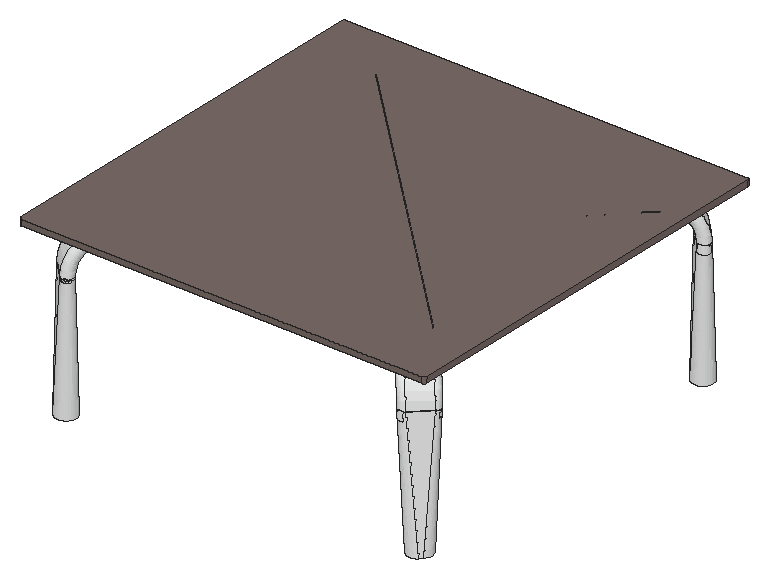
Revit family "FU_Modular_Sandler_Ambit 1076", category Furniture, Revit 2020
Family settings
  OmniClass Number = 23.40.20.00
  OmniClass Title = General Furniture and Specialties
  Work Plane-Based = No
  Always vertical = Yes
  Cut with Voids When Loaded = No
  Shared = No
  Room Calculation Point = No
Parameters (values of type "Ambit 1076")
  Width = 690 mm
  URL = "https://www.sandlerseating.com/product/ambit-1076/"
  Top [instance] = HPL - Solid - Mocha
  Model = "Ambit 1076"
  Manufacturer = "Sandler"
  Height = 300 mm
  Frame [instance] = Metal - Paint -AL VR - Traffic White
  Description = "Table for modular seating system. Upholstered top with feet in cast aluminium."
  Depth = 690 mm
  Default Elevation = 0 mm
Reference planes
  plane 1 "Center (Front/Back)": y = 0
  plane 2: z = 0
  plane 3 "Center (Left/Right)": x = 0
  plane 4 "Right": x = -345
  plane 5 "Left": x = 345
  plane 6 "Back": y = 345
  plane 7 "Front": y = -345
  plane 8 "Height": z = 300
  plane 9 "Table base": z = 290
Forms (mm)
  Sweep 1, solid, material "Metal - Paint -AL VR - Traffic White" <- "Frame"
    path origin (0, 0, 0) x (-0.707107, 0.707107, 0) y (0, 0, 1)
      loop
        line (425, 215.099) -> (425, 220.099)
        arc (425, 220.099) -> (407.426, 262.525) -> (365, 280.099) r 60
        line (365, 280.099) -> (-365, 280.099)
        arc (-365, 280.099) -> (-407.426, 262.525) -> (-425, 220.099) r 60
        line (-425, 220.099) -> (-425, 205.099)
    profile "Pro_Ambit_FF : Pro_Ambit_FF" origin (0, 0, 280.099) x (0, 0, -1) y (0.707107, 0.707107, 0)
      loop
        line (-10, 20.066) -> (-10, -20.066)
        arc (-10, -20.066) -> (0, -30.066) -> (10, -20.066) r 10
        line (10, -20.066) -> (10, 20.066)
        arc (10, 20.066) -> (0, 30.066) -> (-10, 20.066) r 10
  SweptBlend 2, solid, material "Metal - Paint -AL VR - Traffic White" <- "Frame"
    path origin (87.681, -87.681, 0) x (-0.707107, 0.707107, 0) y (0, 0, 1)
      loop
        line (-301, 0) -> (-301, 220.099)
    profile "Pro_Ambit_FFoot : Pro_Ambit_FFoot" origin (300.52, -300.52, 0) x (0.707107, -0.707107, 0) y (0.707107, 0.707107, 0)
      loop
        line (-17.452, 3.305) -> (-17.452, -3.305)
        arc (-17.452, -3.305) -> (0, -20.142) -> (17.452, -3.305) r 17.463
        line (17.452, -3.305) -> (17.452, 3.305)
        arc (17.452, 3.305) -> (0, 20.142) -> (-17.452, 3.305) r 17.463
    end profile "Pro_Ambit_FF : Pro_Ambit_FF" origin (300.52, -300.52, 220.099) x (0.707107, -0.707107, 0) y (0.707107, 0.707107, 0)
      loop
        line (-10, 20.066) -> (-10, -20.066)
        arc (-10, -20.066) -> (0, -30.066) -> (10, -20.066) r 10
        line (10, -20.066) -> (10, 20.066)
        arc (10, 20.066) -> (0, 30.066) -> (-10, 20.066) r 10
  SweptBlend 3, solid, material "Metal - Paint -AL VR - Traffic White" <- "Frame"
    path origin (-87.681, 87.681, 0) x (-0.707107, 0.707107, 0) y (0, 0, 1)
      loop
        line (301, 0) -> (301, 220.099)
    profile "Pro_Ambit_FFoot : Pro_Ambit_FFoot" origin (-300.52, 300.52, 0) x (0.707107, -0.707107, 0) y (0.707107, 0.707107, 0)
      loop
        arc (17.452, 3.305) -> (0, 20.142) -> (-17.452, 3.305) r 17.463
        line (-17.452, 3.305) -> (-17.452, -3.305)
        arc (-17.452, -3.305) -> (0, -20.142) -> (17.452, -3.305) r 17.463
        line (17.452, -3.305) -> (17.452, 3.305)
    end profile "Pro_Ambit_FF : Pro_Ambit_FF" origin (-300.52, 300.52, 220.099) x (0.707107, -0.707107, 0) y (0.707107, 0.707107, 0)
      loop
        arc (-10, -20.066) -> (0, -30.066) -> (10, -20.066) r 10
        line (10, -20.066) -> (10, 20.066)
        arc (10, 20.066) -> (0, 30.066) -> (-10, 20.066) r 10
        line (-10, 20.066) -> (-10, -20.066)
  Extrusion 4, solid, material "HPL - Solid - Mocha" <- "Top"
    sketch origin (0, 0, 290) x (-1, 0, 0) y (0, -1, 0)
      loop
        arc (340, -345) -> (343.536, -343.536) -> (345, -340) r 5
        line (345, -340) -> (345, 340)
        arc (345, 340) -> (343.536, 343.536) -> (340, 345) r 5
        line (340, 345) -> (-340, 345)
        arc (-340, 345) -> (-343.536, 343.536) -> (-345, 340) r 5
        line (-345, 340) -> (-345, -340)
        arc (-345, -340) -> (-343.536, -343.536) -> (-340, -345) r 5
        line (-340, -345) -> (340, -345)
    from 0 to 10
  Sweep 5, solid, material "Metal - Paint -AL VR - Traffic White" <- "Frame"
    path origin (0, 0, 0) x (-0.707107, -0.707107, 0) y (0, 0, 1)
      loop
        line (425, 215.099) -> (425, 220.099)
        arc (425, 220.099) -> (407.426, 262.525) -> (365, 280.099) r 60
        line (365, 280.099) -> (-365, 280.099)
        arc (-365, 280.099) -> (-407.426, 262.525) -> (-425, 220.099) r 60
        line (-425, 220.099) -> (-425, 205.099)
    profile "Pro_Ambit_FF : Pro_Ambit_FF" origin (0, 0, 280.099) x (0, 0, -1) y (-0.707107, 0.707107, 0)
      loop
        line (-10, 20.066) -> (-10, -20.066)
        arc (-10, -20.066) -> (0, -30.066) -> (10, -20.066) r 10
        line (10, -20.066) -> (10, 20.066)
        arc (10, 20.066) -> (0, 30.066) -> (-10, 20.066) r 10
  SweptBlend 6, solid, material "Metal - Paint -AL VR - Traffic White" <- "Frame"
    path origin (87.681, 87.681, 0) x (-0.707107, -0.707107, 0) y (0, 0, 1)
      loop
        line (-301, 0) -> (-301, 220.099)
    profile "Pro_Ambit_FFoot : Pro_Ambit_FFoot" origin (300.52, 300.52, 0) x (0.707107, 0.707107, 0) y (-0.707107, 0.707107, 0)
      loop
        line (-17.452, 3.305) -> (-17.452, -3.305)
        arc (-17.452, -3.305) -> (0, -20.142) -> (17.452, -3.305) r 17.463
        line (17.452, -3.305) -> (17.452, 3.305)
        arc (17.452, 3.305) -> (0, 20.142) -> (-17.452, 3.305) r 17.463
    end profile "Pro_Ambit_FF : Pro_Ambit_FF" origin (300.52, 300.52, 220.099) x (0.707107, 0.707107, 0) y (-0.707107, 0.707107, 0)
      loop
        line (-10, 20.066) -> (-10, -20.066)
        arc (-10, -20.066) -> (0, -30.066) -> (10, -20.066) r 10
        line (10, -20.066) -> (10, 20.066)
        arc (10, 20.066) -> (0, 30.066) -> (-10, 20.066) r 10
  SweptBlend 7, solid, material "Metal - Paint -AL VR - Traffic White" <- "Frame"
    path origin (-87.681, -87.681, 0) x (-0.707107, -0.707107, 0) y (0, 0, 1)
      loop
        line (301, 0) -> (301, 220.099)
    profile "Pro_Ambit_FFoot : Pro_Ambit_FFoot" origin (-300.52, -300.52, 0) x (0.707107, 0.707107, 0) y (-0.707107, 0.707107, 0)
      loop
        arc (17.452, 3.305) -> (0, 20.142) -> (-17.452, 3.305) r 17.463
        line (-17.452, 3.305) -> (-17.452, -3.305)
        arc (-17.452, -3.305) -> (0, -20.142) -> (17.452, -3.305) r 17.463
        line (17.452, -3.305) -> (17.452, 3.305)
    end profile "Pro_Ambit_FF : Pro_Ambit_FF" origin (-300.52, -300.52, 220.099) x (0.707107, 0.707107, 0) y (-0.707107, 0.707107, 0)
      loop
        arc (-10, -20.066) -> (0, -30.066) -> (10, -20.066) r 10
        line (10, -20.066) -> (10, 20.066)
        arc (10, 20.066) -> (0, 30.066) -> (-10, 20.066) r 10
        line (-10, 20.066) -> (-10, -20.066)
Dimensions and locks
  equal spacing: plane 4 "Right", plane 3 "Center (Left/Right)", plane 5 "Left"
  "Width": plane 4 "Right" to plane 5 "Left"
  equal spacing: plane 6 "Back", plane 1 "Center (Front/Back)", plane 7 "Front"
  "Depth": plane 6 "Back" to plane 7 "Front"
  "Height": plane 8 "Height" to level
  plane 9 "Table base" to level = 290 mm
  aligned and locked: level to plane 2
  aligned and locked: Extrusion 4 sketch curve to plane 6 "Back"
  aligned and locked: Extrusion 4 sketch curve to plane 4 "Right"
  aligned and locked: plane 7 "Front" to Extrusion 4 sketch curve
  aligned and locked: plane 5 "Left" to Extrusion 4 sketch curve
  aligned and locked: plane 8 "Height" to Extrusion 4
Automatic sketch dimensions
  Extrusion 4 sketch curve to plane 5 "Left" = 0 mm
  Extrusion 4 sketch curve to plane 6 "Back" = 0 mm
  Extrusion 4 sketch curve to Extrusion 4 sketch curve = 5 mm
  plane 5 "Left" to Extrusion 4 sketch curve = 5 mm
  Extrusion 4 sketch curve to plane 4 "Right" = 5 mm  (x2)
  Sweep 1 sketch curve to plane 9 "Table base" = 69.901 mm  (x2)
  Sweep 1 sketch curve to plane 9 "Table base" = 9.901 mm
  Sweep 1 sketch curve to Sweep 1 sketch curve = 730 mm
  Sweep 1 sketch curve to Sweep 1 sketch curve = 5 mm
  Sweep 1 sketch curve to Sweep 1 sketch curve = 15 mm
  level to SweptBlend 2 sketch curve = 0 mm
  SweptBlend 2 sketch curve to plane 9 "Table base" = 69.901 mm
  level to SweptBlend 3 sketch curve = 0 mm
  SweptBlend 3 sketch curve to plane 9 "Table base" = 69.901 mm
  Sweep 5 sketch curve to plane 9 "Table base" = 69.901 mm  (x2)
  Sweep 5 sketch curve to plane 9 "Table base" = 9.901 mm
  Sweep 5 sketch curve to Sweep 5 sketch curve = 730 mm
  Sweep 5 sketch curve to Sweep 5 sketch curve = 5 mm
  Sweep 5 sketch curve to Sweep 5 sketch curve = 15 mm
  level to SweptBlend 6 sketch curve = 0 mm
  SweptBlend 6 sketch curve to plane 9 "Table base" = 69.901 mm
  level to SweptBlend 7 sketch curve = 0 mm
  SweptBlend 7 sketch curve to plane 9 "Table base" = 69.901 mm
